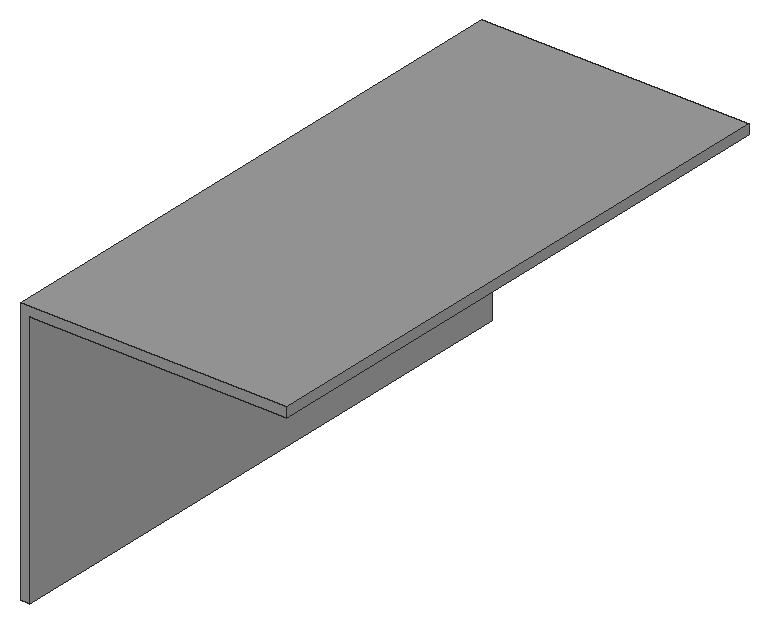
Revit family "BimSf-WallClip", category Structural Connections, Revit 2024
Family settings
  Material for Model Behavior = Other
  Work Plane-Based = No
  Enable Cutting in Views = No
  Always vertical = Yes
  Cut with Voids When Loaded = No
  Shared = No
Parameters (values of type "325L150x150-54")
  Weight = 0.00 lbf/ft
  URL = ""
  Top [instance] = Flipped  # no
  Thickness = 0' - 0 7/128"
  Reported Length = 0' - 3 1/4"
  Model = "V2"
  Manufacturer = ""
  Leg 2 Number of Fasteners = 0
  Leg 2 Fastener Type = ""
  Leg 1 Number of Fasteners = 0
  Leg 1 Fastener Type = ""
  Keynote = "05.40.00"
  Leg1 = 0' - 1 1/2"
  Flipped [instance] = no
  Description = ""
  Leg2 = 0' - 1 1/2"
  Bottom [instance] = not(Top)  # yes
  BOM_Weight = 0.00 lbf
Reference planes (in)
  plane 1 "Center (Front/Back)": y = 0
  plane 2: z = 0
  plane 3 "Center (Left/Right)": x = 0
  plane 4: y = -1.625
  plane 5: y = 1.625
  plane 6: x = 1.5
  plane 7: z = -1.5
  plane 8: z = -0.05469
  plane 9: x = 0.05469
  plane 10: z = 0.05469
Forms (in)
  Extrusion 1, solid, material "Default", visible <- "Bottom"
    sketch origin (0, 0, 0) x (1, 0, 0) y (0, 0, 1)
      loop
        line (0, 0) -> (0, -1.5) -> (0.05469, -1.5) -> (0.05469, -0.05469) -> (1.5, -0.05469) -> (1.5, 0) -> (0, 0)
    from -1.625 to 1.625
  Extrusion 2, solid, material "Default", visible <- "Top"
    sketch origin (0, 0, 0) x (1, 0, 0) y (0, 0, 1)
      loop
        line (0, 0) -> (1.5, 0) -> (1.5, 0.05469) -> (0.05469, 0.05469) -> (0.05469, 1.5) -> (0, 1.5) -> (0, 0)
    from -1.625 to 1.625
Dimensions and locks (in)
  equal spacing: plane 5, plane 1 "Center (Front/Back)", plane 4
  "Reported Length": plane 5 to plane 4
  "Leg2": plane 6 to plane 3 "Center (Left/Right)"
  "Leg1": plane 2 to plane 7
  "Thickness": level to plane 8
  "Thickness": plane 9 to plane 3 "Center (Left/Right)"
  "Leg1": level to Extrusion 2
  "Thickness": level to plane 10
  aligned and locked: level to plane 2
  aligned and locked: plane 5 to Extrusion 1
  aligned and locked: Extrusion 1 to plane 4
  aligned and locked: plane 6 to Extrusion 1
  aligned and locked: plane 7 to Extrusion 1
  aligned and locked: plane 9 to Extrusion 1
  aligned and locked: Extrusion 1 to plane 8
  aligned and locked: Extrusion 1 to plane 3 "Center (Left/Right)"
  aligned and locked: Extrusion 2 to plane 3 "Center (Left/Right)"
  aligned and locked: plane 9 to Extrusion 2
  aligned and locked: Extrusion 2 to plane 10
  aligned and locked: plane 5 to Extrusion 2
  aligned and locked: Extrusion 2 to plane 4
Automatic sketch dimensions
  Extrusion 1 sketch curve to level = 0' - 0"
  Extrusion 1 sketch curve to plane 3 "Center (Left/Right)" = 0' - 0"
  Extrusion 1 sketch curve to plane 8 = 0' - 0"
  Extrusion 1 sketch curve to plane 9 = 0' - 0"
  Extrusion 1 sketch curve to plane 6 = 0' - 0"
  Extrusion 1 sketch curve to plane 7 = 0' - 0"
  Extrusion 2 sketch curve to level = 0' - 0"
  Extrusion 2 sketch curve to plane 3 "Center (Left/Right)" = 0' - 0"
  Extrusion 2 sketch curve to plane 9 = 0' - 0"
  Extrusion 2 sketch curve to plane 6 = 0' - 0"
  Extrusion 2 sketch curve to level = 0' - 0 7/128"
  Extrusion 2 sketch curve to Extrusion 2 sketch curve = 0' - 1 57/128"
